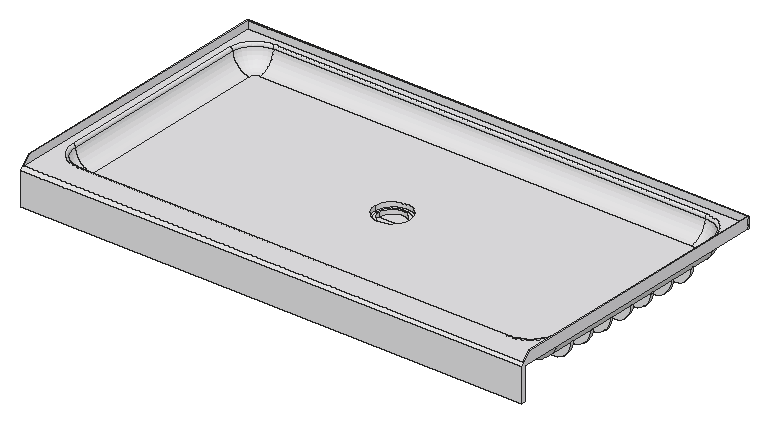
Revit family "Shower-Receptor-STERLING-Ensemble-72131100", category Plumbing Fixtures, host Face, Revit 2015
Parameters (values of type "0-White")
  Width = 34"  # constant formula
  Waste Water Outlet = "Waste Water Outlet"  # constant formula
  Waste Connection = yes
  Vent Connection = no
  URL = "https://www.sterlingplumbing.com/"
  Type = 1
  Product Page URL = "http://www.sterlingplumbing.com/detail?productNumber=72131100"
  Product Name = "Ensemble"  # constant formula
  Product Documentation Link = "https://www.sterlingplumbing.com/onlinecatalog/pdf/72131100_spec.pdf"
  Panel Thickness = 0"
  Model = if(Type = 1, "72131100-0", if(Type = 2, "72131100-96", "0"))  # "72131100-0"
  Material = "Vikrell material"  # constant formula
  MasterFormat 2004 = "22.41.23"  # constant formula
  MasterFormat 1995 = "15410"  # constant formula
  Manufacturer Address = "444 Highland Dr, Kohler, WI 53044"  # constant formula
  Manufacturer = "Sterling Plumbing"  # constant formula
  Length = 60"  # constant formula
  Hot Water Inlet = "Hot Water Inlet"  # constant formula
  Height = 5 5/32"  # constant formula
  HW Connection = no
  Finish = Kohler-Vikrell-0-White
  Environmental Product Declaration = ""
  Description = "Series 7213 60 inch x 34 inch Shower Receptor"  # constant formula
  Default Elevation = 0"
  Declare Label = ""
  Date Modified = "11/03/2017"  # constant formula
  Date Created = "11/03/2017"  # constant formula
  Copyright = "Copyright KOHLER Co."  # constant formula
  Contact Us = "https://www.sterlingplumbing.com/contact"
  Cold Water Inlet = "Cold Water Inlet"  # constant formula
  CW Connection = no
  Assembly Code = "D2010700"
  ADA = no
Types (3): name | Type | Model | Finish
  (no name) | 1 | "72131100-0" | Kohler-Vikrell-0-White
  0-White | 1 | "72131100-0" | Kohler-Vikrell-0-White
  96-Biscuit | 2 | "72131100-96" | Kohler-Vikrell-96-Biscuit
Reference planes (in)
  plane 1 "Center (Front/Back)": y = 0
  plane 2: z = 0
  plane 3 "Center (Left/Right)": x = 0
  plane 4: x = -29.99135
  plane 5: x = 30.00865
  plane 6: y = 15.87508
  plane 7: y = -18.12492
  plane 8: z = 5.15625
Dimensions and locks (in)
  "Height": plane 8 to level
  "Length": plane 4 to plane 5
  "Width": plane 6 to plane 7
  aligned and locked: plane 2 to host face
  aligned and locked: level to host face
Automatic sketch dimensions
  host sketch curve to host sketch curve = 96"  (x2)
Nested families (in)
  nested 1: "72131100" at (0, 0, -0.043), type "72131100"
Connectors (in)
  piping at (0.01387, 0, 0.59689), diameter 1.5, driven by "Waste Connection", driven by "Waste Water Outlet"
    settings: on nested 1, index 1, connector inside diameter 24", connector length 0", flow factor 0, pipe flow 0 GPM, pressure drop 0.00 psi, fitting loss kfactor 0, connector angle 0.00°, fixture units 0, engagement length 0", angle of deflection 0.00°, flow configuration 0, flow direction 2, fitting loss method 0, system type 16, joint type 0, gender type 0, connector reference index -1, connector utility 1, adjustable connector no, is connector primary yes, connector description "Waste Water Outlet"
Definition of nested family "72131100"
  Parameters (values of type "72131100")
    Finish = none
  Reference planes (in)
    plane 1 "Center (Front/Back)": y = 0
    plane 2: z = 0
    plane 3 "Center (Left/Right)": x = 0
    plane 4: y = 15.87508
    plane 5: y = -18.12492
    plane 6: x = 30.00865
    plane 7: x = -29.99135
  Forms (in)
    Sweep 1, solid, material <- "Finish"
      path origin (0, 0, 4.35474) x (-1, 0, 0) y (0, -1, 0)
        loop
          arc (28.92239, 11.58587) -> (27.97049, 13.88397) -> (25.67239, 14.83587) r 3.25
          line (25.67239, 14.83587) -> (-25.76949, 14.83587)
          arc (-25.76949, 14.83587) -> (-28.06759, 13.88397) -> (-29.01949, 11.58587) r 3.25
          line (-29.01949, 11.58587) -> (-29.01949, -11.67736)
          arc (-29.01949, -11.67736) -> (-28.06759, -13.97546) -> (-25.76949, -14.92736) r 3.25
          line (-25.76949, -14.92736) -> (25.92239, -14.92736)
          arc (25.92239, -14.92736) -> (28.04371, -14.04869) -> (28.92239, -11.92736) r 3
          line (28.92239, -11.92736) -> (28.92239, 11.58587)
      profile origin (-28.92239, 0.17075, 4.35474) x (-1, 0, 0) y (0, 0, 1)
        loop
          arc (-0.26608, -0.33489) -> (-0.88614, -1.73098) -> (-2.2576, -2.40376) r 2.2374
          line (-2.2576, -2.40376) -> (-2.2576, -3.06727)
          arc (-2.2576, -3.06727) -> (-0.66389, -2.43382) -> (0, -0.85254) r 2.21513
          line (0, -0.85254) -> (0, 0)
          arc (0, 0) -> (-0.20041, -0.11392) -> (-0.26608, -0.33489) r 0.3088
    Extrusion 2, solid, material <- "Finish"
      sketch origin (0, 0, 0) x (1, 0, 0) y (0, 1, 0)
        loop
          arc (-26.66479, -11.58587) -> (-26.37412, -12.2876) -> (-25.67239, -12.57827) r 0.9924
          line (-25.67239, -12.57827) -> (25.76949, -12.57827)
          arc (25.76949, -12.57827) -> (26.47122, -12.2876) -> (26.76189, -11.58587) r 0.9924
          line (26.76189, -11.58587) -> (26.76189, 11.67736)
          arc (26.76189, 11.67736) -> (26.47122, 12.3791) -> (25.76949, 12.66976) r 0.9924
          line (25.76949, 12.66976) -> (-25.92239, 12.66976)
          arc (-25.92239, 12.66976) -> (-26.44734, 12.45232) -> (-26.66479, 11.92736) r 0.7424
          line (-26.66479, 11.92736) -> (-26.66479, -11.58587)
      from 1.39644 to 1.95098
    Extrusion 3, solid, material <- "Finish"
      sketch origin (0, 0, 4.35474) x (-1, 0, 0) y (0, -1, 0)
        loop
          line (-29.83549, -15.87508) -> (29.82867, -15.87508)
          arc (29.82867, -15.87508) -> (29.9437, -15.82743) -> (29.99135, -15.7124) r 0.16268
          line (29.99135, -15.7124) -> (29.99135, 17.737) -> (-30.00865, 17.737) -> (-30.00865, -15.70192)
          arc (-30.00865, -15.70192) -> (-29.95794, -15.82436) -> (-29.83549, -15.87508) r 0.17316
        loop
          line (28.92239, -11.92736) -> (28.92239, 11.58587)
          arc (28.92239, 11.58587) -> (27.97049, 13.88397) -> (25.67239, 14.83587) r 3.25
          line (25.67239, 14.83587) -> (-25.76949, 14.83587)
          arc (-25.76949, 14.83587) -> (-28.06759, 13.88397) -> (-29.01949, 11.58587) r 3.25
          line (-29.01949, 11.58587) -> (-29.01949, -11.67736)
          arc (-29.01949, -11.67736) -> (-28.06759, -13.97546) -> (-25.76949, -14.92736) r 3.25
          line (-25.76949, -14.92736) -> (25.92239, -14.92736)
          arc (25.92239, -14.92736) -> (28.04371, -14.04869) -> (28.92239, -11.92736) r 3
      from -0.46315 to 0
    Sweep 4, solid, material <- "Finish"
      path origin (0, 0, 4.35474) x (-1, 0, 0) y (0, -1, 0)
        loop
          line (-30.00865, 17.737) -> (-30.00865, -15.70192)
          arc (-30.00865, -15.70192) -> (-29.95794, -15.82436) -> (-29.83549, -15.87508) r 0.17316
          line (-29.83549, -15.87508) -> (29.82867, -15.87508)
          arc (29.82867, -15.87508) -> (29.9437, -15.82743) -> (29.99135, -15.7124) r 0.16268
          line (29.99135, -15.7124) -> (29.99135, 17.737)
      profile origin (-29.99135, -1.0123, 4.35474) x (1, 0, 0) y (0, 0, 1)
        loop
          line (0, 0) -> (0.13866, 0) -> (0.13866, 0.84986) -> (0, 0.84986) -> (0, 0)
    Extrusion 5, solid, material <- "Finish"
      sketch origin (29.83549, 15.73643, 5.2046) x (-1, 0, 0) y (0, 0, -1)
        loop
          line (59.82684, 5.1616) -> (-0.17316, 5.1616) -> (-0.17316, 0) -> (59.82684, 0) -> (59.82684, 5.1616)
      from 33.47342 to 33.86134
    Extrusion 6, void
      sketch origin (30.00865, -17.737, 4.35474) x (0, -1, 0) y (0, 0, 1)
        loop
          line (0.38792, -0.38792) -> (0.38792, 0.84986) -> (-0.84986, 0.84986) -> (0.38792, -0.38792)
      from -2.90237 to 63.55511
    Extrusion 7, void
      sketch origin (0, 0, 4.35474) x (-1, 0, 0) y (0, -1, 0)
        loop
          circle (-0.01387, -0.04598) r 2.1406
      from -17.43119 to 12
    Revolve 8, solid, material <- "Finish"
      sketch origin (0, 0, 0) x (1, 0, 0) y (0, 0, 1)
        loop
          line (0.01387, 0.6399) -> (0.01387, 1.01995) -> (-1.56875, 1.01995) -> (-1.56875, 1.48312) -> (-1.91356, 1.48312) -> (-2.12674, 1.48312) -> (-2.12674, 0.6399) -> (0.01387, 0.6399)
        axis (0.01387, 0.6399) -> (0.01387, 1.48312)
      angle from 0 to 360
    Extrusion 9, solid, material <- "Finish"
      sketch origin (0, 8.98689, 0) x (1, 0, 0) y (0, 0, 1)
        loop
          arc (28.71934, 2.30302) -> (27.83656, 1.61923) -> (26.73327, 1.44718) r 2.23765
          line (26.73327, 1.44718) -> (-26.70553, 1.44718)
          arc (-26.70553, 1.44718) -> (-27.80883, 1.61923) -> (-28.69161, 2.30302) r 2.23765
          arc (-28.69161, 2.30302) -> (-28.13236, 0.79439) -> (-26.70963, 0.043) r 2.25405
          line (-26.70963, 0.043) -> (26.73736, 0.043)
          arc (26.73736, 0.043) -> (28.16678, 0.78852) -> (28.71934, 2.30302) r 2.22849
      from -0.09777 to 0.10259
    Extrusion 10, solid, material <- "Finish"
      sketch origin (23.98088, -2.90223, 0) x (0, -1, 0) y (0, 0, 1)
        loop
          line (8.98327, 1.44718) -> (-14.64303, 1.44718)
          arc (-14.64303, 1.44718) -> (-15.64536, 1.55056) -> (-16.60548, 1.85634) r 4.91072
          arc (-16.60548, 1.85634) -> (-15.98161, 0.56596) -> (-14.64713, 0.043) r 1.96415
          line (-14.64713, 0.043) -> (8.98736, 0.043)
          arc (8.98736, 0.043) -> (10.27949, 0.6991) -> (10.96212, 1.97741) r 2.41109
          arc (10.96212, 1.97741) -> (10.0076, 1.58203) -> (8.98327, 1.44718) r 3.95771
      from -0.09777 to 0.10259
    Extrusion 11, solid, material <- "Finish"
      sketch origin (0, 6.0441, 0) x (1, 0, 0) y (0, 0, 1)
        loop
          arc (28.71934, 2.30302) -> (27.83656, 1.61923) -> (26.73327, 1.44718) r 2.23765
          line (26.73327, 1.44718) -> (-26.70553, 1.44718)
          arc (-26.70553, 1.44718) -> (-27.80883, 1.61923) -> (-28.69161, 2.30302) r 2.23765
          arc (-28.69161, 2.30302) -> (-28.13236, 0.79439) -> (-26.70963, 0.043) r 2.25405
          line (-26.70963, 0.043) -> (26.73736, 0.043)
          arc (26.73736, 0.043) -> (28.16678, 0.78852) -> (28.71934, 2.30302) r 2.22849
      from -0.09777 to 0.10259
    Extrusion 12, solid, material <- "Finish"
      sketch origin (0, 2.97745, 0) x (1, 0, 0) y (0, 0, 1)
        loop
          arc (28.71934, 2.30302) -> (27.83656, 1.61923) -> (26.73327, 1.44718) r 2.23765
          line (26.73327, 1.44718) -> (-26.70553, 1.44718)
          arc (-26.70553, 1.44718) -> (-27.80883, 1.61923) -> (-28.69161, 2.30302) r 2.23765
          arc (-28.69161, 2.30302) -> (-28.13236, 0.79439) -> (-26.70963, 0.043) r 2.25405
          line (-26.70963, 0.043) -> (26.73736, 0.043)
          arc (26.73736, 0.043) -> (28.16678, 0.78852) -> (28.71934, 2.30302) r 2.22849
      from -0.09777 to 0.10259
    Extrusion 13, solid, material <- "Finish"
      sketch origin (0, 0, 0) x (1, 0, 0) y (0, 0, 1)
        loop
          arc (28.71934, 2.30302) -> (27.83656, 1.61923) -> (26.73327, 1.44718) r 2.23765
          line (26.73327, 1.44718) -> (-26.70553, 1.44718)
          arc (-26.70553, 1.44718) -> (-27.80883, 1.61923) -> (-28.69161, 2.30302) r 2.23765
          arc (-28.69161, 2.30302) -> (-28.13236, 0.79439) -> (-26.70963, 0.043) r 2.25405
          line (-26.70963, 0.043) -> (26.73736, 0.043)
          arc (26.73736, 0.043) -> (28.16678, 0.78852) -> (28.71934, 2.30302) r 2.22849
      from -0.09777 to 0.10259
    Extrusion 14, solid, material <- "Finish"
      sketch origin (0, -3.06026, 0) x (1, 0, 0) y (0, 0, 1)
        loop
          arc (28.71934, 2.30302) -> (27.83656, 1.61923) -> (26.73327, 1.44718) r 2.23765
          line (26.73327, 1.44718) -> (-26.70553, 1.44718)
          arc (-26.70553, 1.44718) -> (-27.80883, 1.61923) -> (-28.69161, 2.30302) r 2.23765
          arc (-28.69161, 2.30302) -> (-28.13236, 0.79439) -> (-26.70963, 0.043) r 2.25405
          line (-26.70963, 0.043) -> (26.73736, 0.043)
          arc (26.73736, 0.043) -> (28.16678, 0.78852) -> (28.71934, 2.30302) r 2.22849
      from -0.09777 to 0.10259
    Extrusion 15, solid, material <- "Finish"
      sketch origin (0, -6.00617, 0) x (1, 0, 0) y (0, 0, 1)
        loop
          arc (28.71934, 2.30302) -> (27.83656, 1.61923) -> (26.73327, 1.44718) r 2.23765
          line (26.73327, 1.44718) -> (-26.70553, 1.44718)
          arc (-26.70553, 1.44718) -> (-27.80883, 1.61923) -> (-28.69161, 2.30302) r 2.23765
          arc (-28.69161, 2.30302) -> (-28.13236, 0.79439) -> (-26.70963, 0.043) r 2.25405
          line (-26.70963, 0.043) -> (26.73736, 0.043)
          arc (26.73736, 0.043) -> (28.16678, 0.78852) -> (28.71934, 2.30302) r 2.22849
      from -0.09777 to 0.10259
    Extrusion 16, solid, material <- "Finish"
      sketch origin (0, -9.00025, 0) x (1, 0, 0) y (0, 0, 1)
        loop
          arc (28.71934, 2.30302) -> (27.83656, 1.61923) -> (26.73327, 1.44718) r 2.23765
          line (26.73327, 1.44718) -> (-26.70553, 1.44718)
          arc (-26.70553, 1.44718) -> (-27.80883, 1.61923) -> (-28.69161, 2.30302) r 2.23765
          arc (-28.69161, 2.30302) -> (-28.13236, 0.79439) -> (-26.70963, 0.043) r 2.25405
          line (-26.70963, 0.043) -> (26.73736, 0.043)
          arc (26.73736, 0.043) -> (28.16678, 0.78852) -> (28.71934, 2.30302) r 2.22849
      from -0.09777 to 0.10259
    Extrusion 17, solid, material <- "Finish"
      sketch origin (19.98088, -2.90223, 0) x (0, -1, 0) y (0, 0, 1)
        loop
          line (8.98327, 1.44718) -> (-14.64303, 1.44718)
          arc (-14.64303, 1.44718) -> (-15.64536, 1.55056) -> (-16.60548, 1.85634) r 4.91072
          arc (-16.60548, 1.85634) -> (-15.98161, 0.56596) -> (-14.64713, 0.043) r 1.96415
          line (-14.64713, 0.043) -> (8.98736, 0.043)
          arc (8.98736, 0.043) -> (10.27949, 0.6991) -> (10.96212, 1.97741) r 2.41109
          arc (10.96212, 1.97741) -> (10.0076, 1.58203) -> (8.98327, 1.44718) r 3.95771
      from -0.09777 to 0.10259
    Extrusion 18, solid, material <- "Finish"
      sketch origin (15.98088, -2.90223, 0) x (0, -1, 0) y (0, 0, 1)
        loop
          line (8.98327, 1.44718) -> (-14.64303, 1.44718)
          arc (-14.64303, 1.44718) -> (-15.64536, 1.55056) -> (-16.60548, 1.85634) r 4.91072
          arc (-16.60548, 1.85634) -> (-15.98161, 0.56596) -> (-14.64713, 0.043) r 1.96415
          line (-14.64713, 0.043) -> (8.98736, 0.043)
          arc (8.98736, 0.043) -> (10.27949, 0.6991) -> (10.96212, 1.97741) r 2.41109
          arc (10.96212, 1.97741) -> (10.0076, 1.58203) -> (8.98327, 1.44718) r 3.95771
      from -0.09777 to 0.10259
    Extrusion 19, solid, material <- "Finish"
      sketch origin (11.98088, -2.90223, 0) x (0, -1, 0) y (0, 0, 1)
        loop
          line (8.98327, 1.44718) -> (-14.64303, 1.44718)
          arc (-14.64303, 1.44718) -> (-15.64536, 1.55056) -> (-16.60548, 1.85634) r 4.91072
          arc (-16.60548, 1.85634) -> (-15.98161, 0.56596) -> (-14.64713, 0.043) r 1.96415
          line (-14.64713, 0.043) -> (8.98736, 0.043)
          arc (8.98736, 0.043) -> (10.27949, 0.6991) -> (10.96212, 1.97741) r 2.41109
          arc (10.96212, 1.97741) -> (10.0076, 1.58203) -> (8.98327, 1.44718) r 3.95771
      from -0.09777 to 0.10259
    Extrusion 20, solid, material <- "Finish"
      sketch origin (7.98088, -2.90223, 0) x (0, -1, 0) y (0, 0, 1)
        loop
          line (8.98327, 1.44718) -> (-14.64303, 1.44718)
          arc (-14.64303, 1.44718) -> (-15.64536, 1.55056) -> (-16.60548, 1.85634) r 4.91072
          arc (-16.60548, 1.85634) -> (-15.98161, 0.56596) -> (-14.64713, 0.043) r 1.96415
          line (-14.64713, 0.043) -> (8.98736, 0.043)
          arc (8.98736, 0.043) -> (10.27949, 0.6991) -> (10.96212, 1.97741) r 2.41109
          arc (10.96212, 1.97741) -> (10.0076, 1.58203) -> (8.98327, 1.44718) r 3.95771
      from -0.09777 to 0.10259
    Extrusion 21, solid, material <- "Finish"
      sketch origin (3.98088, -2.90223, 0) x (0, -1, 0) y (0, 0, 1)
        loop
          line (8.98327, 1.44718) -> (-14.64303, 1.44718)
          arc (-14.64303, 1.44718) -> (-15.64536, 1.55056) -> (-16.60548, 1.85634) r 4.91072
          arc (-16.60548, 1.85634) -> (-15.98161, 0.56596) -> (-14.64713, 0.043) r 1.96415
          line (-14.64713, 0.043) -> (8.98736, 0.043)
          arc (8.98736, 0.043) -> (10.27949, 0.6991) -> (10.96212, 1.97741) r 2.41109
          arc (10.96212, 1.97741) -> (10.0076, 1.58203) -> (8.98327, 1.44718) r 3.95771
      from -0.09777 to 0.10259
    Extrusion 22, solid, material <- "Finish"
      sketch origin (-0.01912, -2.90223, 0) x (0, -1, 0) y (0, 0, 1)
        loop
          line (8.98327, 1.44718) -> (-14.64303, 1.44718)
          arc (-14.64303, 1.44718) -> (-15.64536, 1.55056) -> (-16.60548, 1.85634) r 4.91072
          arc (-16.60548, 1.85634) -> (-15.98161, 0.56596) -> (-14.64713, 0.043) r 1.96415
          line (-14.64713, 0.043) -> (8.98736, 0.043)
          arc (8.98736, 0.043) -> (10.27949, 0.6991) -> (10.96212, 1.97741) r 2.41109
          arc (10.96212, 1.97741) -> (10.0076, 1.58203) -> (8.98327, 1.44718) r 3.95771
      from -0.09777 to 0.10259
    Extrusion 23, solid, material <- "Finish"
      sketch origin (-4.01912, -2.90223, 0) x (0, -1, 0) y (0, 0, 1)
        loop
          line (8.98327, 1.44718) -> (-14.64303, 1.44718)
          arc (-14.64303, 1.44718) -> (-15.64536, 1.55056) -> (-16.60548, 1.85634) r 4.91072
          arc (-16.60548, 1.85634) -> (-15.98161, 0.56596) -> (-14.64713, 0.043) r 1.96415
          line (-14.64713, 0.043) -> (8.98736, 0.043)
          arc (8.98736, 0.043) -> (10.27949, 0.6991) -> (10.96212, 1.97741) r 2.41109
          arc (10.96212, 1.97741) -> (10.0076, 1.58203) -> (8.98327, 1.44718) r 3.95771
      from -0.09777 to 0.10259
    Extrusion 24, solid, material <- "Finish"
      sketch origin (-8.01912, -2.90223, 0) x (0, -1, 0) y (0, 0, 1)
        loop
          line (8.98327, 1.44718) -> (-14.64303, 1.44718)
          arc (-14.64303, 1.44718) -> (-15.64536, 1.55056) -> (-16.60548, 1.85634) r 4.91072
          arc (-16.60548, 1.85634) -> (-15.98161, 0.56596) -> (-14.64713, 0.043) r 1.96415
          line (-14.64713, 0.043) -> (8.98736, 0.043)
          arc (8.98736, 0.043) -> (10.27949, 0.6991) -> (10.96212, 1.97741) r 2.41109
          arc (10.96212, 1.97741) -> (10.0076, 1.58203) -> (8.98327, 1.44718) r 3.95771
      from -0.09777 to 0.10259
    Extrusion 25, solid, material <- "Finish"
      sketch origin (-12.01912, -2.90223, 0) x (0, -1, 0) y (0, 0, 1)
        loop
          line (8.98327, 1.44718) -> (-14.64303, 1.44718)
          arc (-14.64303, 1.44718) -> (-15.64536, 1.55056) -> (-16.60548, 1.85634) r 4.91072
          arc (-16.60548, 1.85634) -> (-15.98161, 0.56596) -> (-14.64713, 0.043) r 1.96415
          line (-14.64713, 0.043) -> (8.98736, 0.043)
          arc (8.98736, 0.043) -> (10.27949, 0.6991) -> (10.96212, 1.97741) r 2.41109
          arc (10.96212, 1.97741) -> (10.0076, 1.58203) -> (8.98327, 1.44718) r 3.95771
      from -0.09777 to 0.10259
    Extrusion 26, solid, material <- "Finish"
      sketch origin (-16.01912, -2.90223, 0) x (0, -1, 0) y (0, 0, 1)
        loop
          line (8.98327, 1.44718) -> (-14.64303, 1.44718)
          arc (-14.64303, 1.44718) -> (-15.64536, 1.55056) -> (-16.60548, 1.85634) r 4.91072
          arc (-16.60548, 1.85634) -> (-15.98161, 0.56596) -> (-14.64713, 0.043) r 1.96415
          line (-14.64713, 0.043) -> (8.98736, 0.043)
          arc (8.98736, 0.043) -> (10.27949, 0.6991) -> (10.96212, 1.97741) r 2.41109
          arc (10.96212, 1.97741) -> (10.0076, 1.58203) -> (8.98327, 1.44718) r 3.95771
      from -0.09777 to 0.10259
    Extrusion 27, solid, material <- "Finish"
      sketch origin (-20.01912, -2.90223, 0) x (0, -1, 0) y (0, 0, 1)
        loop
          line (8.98327, 1.44718) -> (-14.64303, 1.44718)
          arc (-14.64303, 1.44718) -> (-15.64536, 1.55056) -> (-16.60548, 1.85634) r 4.91072
          arc (-16.60548, 1.85634) -> (-15.98161, 0.56596) -> (-14.64713, 0.043) r 1.96415
          line (-14.64713, 0.043) -> (8.98736, 0.043)
          arc (8.98736, 0.043) -> (10.27949, 0.6991) -> (10.96212, 1.97741) r 2.41109
          arc (10.96212, 1.97741) -> (10.0076, 1.58203) -> (8.98327, 1.44718) r 3.95771
      from -0.09777 to 0.10259
    Extrusion 28, solid, material <- "Finish"
      sketch origin (-23.99116, -2.90223, 0) x (0, -1, 0) y (0, 0, 1)
        loop
          line (8.98327, 1.44718) -> (-14.64303, 1.44718)
          arc (-14.64303, 1.44718) -> (-15.64536, 1.55056) -> (-16.60548, 1.85634) r 4.91072
          arc (-16.60548, 1.85634) -> (-15.98161, 0.56596) -> (-14.64713, 0.043) r 1.96415
          line (-14.64713, 0.043) -> (8.98736, 0.043)
          arc (8.98736, 0.043) -> (10.27949, 0.6991) -> (10.96212, 1.97741) r 2.41109
          arc (10.96212, 1.97741) -> (10.0076, 1.58203) -> (8.98327, 1.44718) r 3.95771
      from -0.09777 to 0.10259
  Cuts and joins
    Extrusion 7 cuts Extrusion 2
    Extrusion 6 cuts Sweep 4
    Extrusion 6 cuts Extrusion 5
    joined: Sweep 1, Extrusion 2, Extrusion 3, Sweep 4, Extrusion 5
    Extrusion 7 cuts Extrusion 13
    Extrusion 7 cuts Extrusion 22
  Lines and regions (in)
    Masking region 1
      outline origin (0, 0, 4.35474) x (-1, 0, 0) y (0, -1, 0)
        loop
          line (29.99135, -15.7124) -> (29.99135, 18.12492) -> (-30.00865, 18.12492) -> (-30.00865, -15.70192)
          arc (-30.00865, -15.70192) -> (-29.95794, -15.82436) -> (-29.83549, -15.87508) r 0.17316
          line (-29.83549, -15.87508) -> (29.82867, -15.87508)
          arc (29.82867, -15.87508) -> (29.9437, -15.82743) -> (29.99135, -15.7124) r 0.16268
    Masking region 2
      outline origin (0, 0, 0) x (0, 1, 0) y (0, 0, 1)
        loop
          line (-18.12492, 3.96682) -> (-18.12492, 0.043) -> (-17.737, 0.043) -> (-17.737, 3.89159) -> (-14.83587, 3.89159)
          arc (-14.83587, 3.89159) -> (-14.6318, 2.67836) -> (-13.82676, 1.74804) r 2.27865
          arc (-13.82676, 1.74804) -> (-13.12565, 0.59163) -> (-11.88959, 0.043) r 2.25873
          line (-11.88959, 0.043) -> (11.74489, 0.043)
          arc (11.74489, 0.043) -> (12.956, 0.47024) -> (13.63097, 1.56281) r 1.93021
          arc (13.63097, 1.56281) -> (14.57805, 2.3531) -> (14.93289, 3.53445) r 2.1439
          line (14.93289, 3.53445) -> (14.93289, 3.89159) -> (15.87508, 3.89159) -> (15.87508, 5.2046) -> (-16.88714, 5.2046) -> (-18.12492, 3.96682)
    Masking region 3
      outline origin (0, 0, 0) x (1, 0, 0) y (0, 0, 1)
        loop
          line (30.00865, 5.2046) -> (-29.99135, 5.2046) -> (-29.99135, 0.043) -> (30.00865, 0.043) -> (30.00865, 5.2046)
    symbolic lines, detail levels medium+fine
      curve 1: line (-29.85269, -17.737, 4.35474) -> (-29.85269, 15.7124, 4.35474)
      curve 2: arc (-29.82867, 15.73643, 4.35474) -> (-29.84565, 15.72939, 4.35474) -> (-29.85269, 15.7124, 4.35474) r 0.02402
      curve 3: line (-29.82867, 15.73643, 4.35474) -> (29.83549, 15.73643, 4.35474)
      curve 4: arc (29.87, 15.70192, 4.35474) -> (29.85989, 15.72632, 4.35474) -> (29.83549, 15.73643, 4.35474) r 0.0345
      curve 5: line (29.87, 15.70192, 4.35474) -> (29.87, -17.737, 4.35474)
      curve 6: line (30.00865, -17.737, 4.35474) -> (-29.99135, -17.737, 4.35474)
      curve 7: arc (-25.67239, -14.83587, 4.35474) -> (-27.97049, -13.88397, 4.35474) -> (-28.92239, -11.58587, 4.35474) r 3.25
      curve 8: line (-25.67239, -14.83587, 4.35474) -> (25.76949, -14.83587, 4.35474)
      curve 9: line (-28.92239, 11.92736, 4.35474) -> (-28.92239, -11.58587, 4.35474)
      curve 10: arc (-28.92239, 11.92736, 4.35474) -> (-28.04371, 14.04869, 4.35474) -> (-25.92239, 14.92736, 4.35474) r 3
      curve 11: line (25.76949, 14.92736, 4.35474) -> (-25.92239, 14.92736, 4.35474)
      curve 12: arc (25.76949, 14.92736, 4.35474) -> (28.06759, 13.97546, 4.35474) -> (29.01949, 11.67736, 4.35474) r 3.25
      curve 13: line (29.01949, -11.58587, 4.35474) -> (29.01949, 11.67736, 4.35474)
      curve 14: arc (29.01949, -11.58587, 4.35474) -> (28.06759, -13.88397, 4.35474) -> (25.76949, -14.83587, 4.35474) r 3.25
      curve 15: arc (25.76949, -12.57827, 4.35474) -> (26.47122, -12.2876, 4.35474) -> (26.76189, -11.58587, 4.35474) r 0.9924
      curve 16: line (26.76189, -11.58587, 4.35474) -> (26.76189, 11.66976, 4.35474)
      curve 17: line (-25.67239, -12.57827, 4.35474) -> (25.76949, -12.57827, 4.35474)
      curve 18: arc (-26.66479, -11.58587, 4.35474) -> (-26.37412, -12.2876, 4.35474) -> (-25.67239, -12.57827, 4.35474) r 0.9924
      curve 19: line (-26.66479, 11.92736, 4.35474) -> (-26.66479, -11.58587, 4.35474)
      curve 20: arc (-25.92239, 12.66976, 4.35474) -> (-26.44734, 12.45232, 4.35474) -> (-26.66479, 11.92736, 4.35474) r 0.7424
      curve 21: line (25.76189, 12.66976, 4.35474) -> (-25.92239, 12.66976, 4.35474)
      curve 22: arc (2.15447, 0.04598, 4.35474) -> (0.01387, 2.18658, 4.35474) -> (-2.12674, 0.04598, 4.35474) r 2.1406
      curve 23: arc (-2.12674, 0.04598, 4.35474) -> (0.01387, -2.09462, 4.35474) -> (2.15447, 0.04598, 4.35474) r 2.1406
      curve 24: arc (1.59648, 0, 4.35474) -> (0.01387, -1.58262, 4.35474) -> (-1.56875, 0, 4.35474) r 1.58262
      curve 25: arc (-1.56875, 0, 4.35474) -> (0.01387, 1.58262, 4.35474) -> (1.59648, 0, 4.35474) r 1.58262
      curve 26: arc (25.76189, 12.66976, 4.35474) -> (26.469, 12.37687, 4.35474) -> (26.76189, 11.66976, 4.35474) r 1
      curve 27: line (0, -14.83587, 3.89159) -> (0, 14.93289, 3.89159)
      curve 28: line (0, -12.62065, 1.39644) -> (0, -9.10284, 1.39644)
      curve 29: arc (0, -13.82676, 1.74804) -> (0, -13.24881, 1.48613) -> (0, -12.62065, 1.39644) r 2.24447
      curve 30: arc (0, 13.63097, 1.56281) -> (0, 13.17903, 1.43837) -> (0, 12.71215, 1.39644) r 2.62042
      curve 31: line (0, -9.10284, 2.30302) -> (0, -9.10284, 0.043)
      curve 32: line (0, -8.90248, 0.043) -> (0, -8.90248, 2.30302)
      curve 33: line (0, -8.90248, 2.30302) -> (0, -9.10284, 2.30302)
      curve 34: line (0, -8.90248, 1.39644) -> (0, -6.10876, 1.39644)
      curve 35: line (0, -6.10876, 2.30302) -> (0, -6.10876, 0.043)
      curve 36: line (0, -5.9084, 0.043) -> (0, -5.9084, 2.30302)
      curve 37: line (0, -5.9084, 2.30302) -> (0, -6.10876, 2.30302)
      curve 38: line (0, -3.16285, 2.30302) -> (0, -3.16285, 0.043)
      curve 39: line (0, -2.96249, 0.043) -> (0, -2.96249, 2.30302)
      curve 40: line (0, -2.96249, 2.30302) -> (0, -3.16285, 2.30302)
      curve 41: line (0, -0.10259, 2.30302) -> (0, -0.10259, 0.043)
      curve 42: line (0, 0.09777, 0.043) -> (0, 0.09777, 2.30302)
      curve 43: line (0, 0.09777, 2.30302) -> (0, -0.10259, 2.30302)
      curve 44: line (0, 2.87486, 2.30302) -> (0, 2.87486, 0.043)
      curve 45: line (0, 3.07522, 0.043) -> (0, 3.07522, 2.30302)
      curve 46: line (0, 3.07522, 2.30302) -> (0, 2.87486, 2.30302)
      curve 47: line (0, 5.94151, 2.30302) -> (0, 5.94151, 0.043)
      curve 48: line (0, 6.14187, 0.043) -> (0, 6.14187, 2.30302)
      curve 49: line (0, 6.14187, 2.30302) -> (0, 5.94151, 2.30302)
      curve 50: line (0, 8.8843, 2.30302) -> (0, 8.8843, 0.043)
      curve 51: line (0, 9.08466, 0.043) -> (0, 9.08466, 2.30302)
      curve 52: line (0, 9.08466, 2.30302) -> (0, 8.8843, 2.30302)
      curve 53: line (0, -5.9084, 1.39644) -> (0, -3.16285, 1.39644)
      curve 54: line (0, -2.96249, 1.39644) -> (0, -0.10259, 1.39644)
      curve 55: line (0, 0.09777, 1.39644) -> (0, 2.87486, 1.39644)
      curve 56: line (0, 3.07522, 1.39644) -> (0, 5.94151, 1.39644)
      curve 57: line (0, 6.14187, 1.39644) -> (0, 8.8843, 1.39644)
      curve 58: line (0, 9.08466, 1.39644) -> (0, 12.71215, 1.39644)
      curve 59: line (30.00865, 0, 3.89159) -> (28.98804, 0, 3.89159)
      curve 60: line (-28.98144, 0, 3.89159) -> (-29.99135, 0, 3.89159)
      curve 61: line (28.98804, 0, 3.89159) -> (-28.98144, 0, 3.89159)
      curve 62: arc (-28.98144, 0, 3.89159) -> (-28.50943, 0, 2.0437) -> (-26.75854, 0, 1.28747) r 2.16331
      curve 63: line (-26.75854, 0, 1.28747) -> (-24.09375, 0, 1.28747)
      curve 64: arc (28.98804, 0, 3.89159) -> (28.51602, 0, 2.0437) -> (26.76513, 0, 1.28747) r 2.16331
      curve 65: arc (26.73736, 0, 0.043) -> (28.16678, 0, 0.78852) -> (28.71934, 0, 2.30302) r 2.22849
      curve 66: arc (-28.69161, 0, 2.30302) -> (-28.13236, 0, 0.79439) -> (-26.70963, 0, 0.043) r 2.25405
      curve 67: line (-24.09375, 0, 1.97741) -> (-24.09375, 0, 0.043)
      curve 68: line (-23.89339, 0, 0.043) -> (-23.89339, 0, 1.97741)
      curve 69: line (-23.89339, 0, 1.97741) -> (-24.09375, 0, 1.97741)
      curve 70: line (-20.1217, 0, 1.97741) -> (-20.1217, 0, 0.043)
      curve 71: line (-19.92135, 0, 0.043) -> (-19.92135, 0, 1.97741)
      curve 72: line (-19.92135, 0, 1.97741) -> (-20.1217, 0, 1.97741)
      curve 73: line (-16.1217, 0, 1.97741) -> (-16.1217, 0, 0.043)
      curve 74: line (-15.92135, 0, 0.043) -> (-15.92135, 0, 1.97741)
      curve 75: line (-15.92135, 0, 1.97741) -> (-16.1217, 0, 1.97741)
      curve 76: line (-12.1217, 0, 1.97741) -> (-12.1217, 0, 0.043)
      curve 77: line (-11.92135, 0, 0.043) -> (-11.92135, 0, 1.97741)
      curve 78: line (-11.92135, 0, 1.97741) -> (-12.1217, 0, 1.97741)
      curve 79: line (-8.1217, 0, 1.97741) -> (-8.1217, 0, 0.043)
      curve 80: line (-7.92135, 0, 0.043) -> (-7.92135, 0, 1.97741)
      curve 81: line (-7.92135, 0, 1.97741) -> (-8.1217, 0, 1.97741)
      curve 82: line (-4.1217, 0, 1.97741) -> (-4.1217, 0, 0.043)
      curve 83: line (-3.92135, 0, 0.043) -> (-3.92135, 0, 1.97741)
      curve 84: line (-3.92135, 0, 1.97741) -> (-4.1217, 0, 1.97741)
      curve 85: line (-0.1217, 0, 1.97741) -> (-0.1217, 0, 0.043)
      curve 86: line (0.07865, 0, 0.043) -> (0.07865, 0, 1.97741)
      curve 87: line (0.07865, 0, 1.97741) -> (-0.1217, 0, 1.97741)
      curve 88: line (3.8783, 0, 1.97741) -> (3.8783, 0, 0.043)
      curve 89: line (4.07865, 0, 0.043) -> (4.07865, 0, 1.97741)
      curve 90: line (4.07865, 0, 1.97741) -> (3.8783, 0, 1.97741)
      curve 91: line (7.8783, 0, 1.97741) -> (7.8783, 0, 0.043)
      curve 92: line (8.07865, 0, 0.043) -> (8.07865, 0, 1.97741)
      curve 93: line (8.07865, 0, 1.97741) -> (7.8783, 0, 1.97741)
      curve 94: line (11.8783, 0, 1.97741) -> (11.8783, 0, 0.043)
      curve 95: line (12.07865, 0, 0.043) -> (12.07865, 0, 1.97741)
      curve 96: line (12.07865, 0, 1.97741) -> (11.8783, 0, 1.97741)
      curve 97: line (15.8783, 0, 1.97741) -> (15.8783, 0, 0.043)
      curve 98: line (16.07865, 0, 0.043) -> (16.07865, 0, 1.97741)
      curve 99: line (16.07865, 0, 1.97741) -> (15.8783, 0, 1.97741)
      curve 100: line (19.8783, 0, 1.97741) -> (19.8783, 0, 0.043)
      curve 101: line (20.07865, 0, 0.043) -> (20.07865, 0, 1.97741)
      curve 102: line (20.07865, 0, 1.97741) -> (19.8783, 0, 1.97741)
      curve 103: line (23.8783, 0, 1.97741) -> (23.8783, 0, 0.043)
      curve 104: line (24.07865, 0, 0.043) -> (24.07865, 0, 1.97741)
      curve 105: line (24.07865, 0, 1.97741) -> (23.8783, 0, 1.97741)
      curve 106: line (-23.89339, 0, 1.28747) -> (-20.1217, 0, 1.28747)
      curve 107: line (-19.92135, 0, 1.28747) -> (-16.1217, 0, 1.28747)
      curve 108: line (-15.92135, 0, 1.28747) -> (-12.1217, 0, 1.28747)
      curve 109: line (-11.92135, 0, 1.28747) -> (-8.1217, 0, 1.28747)
      curve 110: line (-7.92135, 0, 1.28747) -> (-4.1217, 0, 1.28747)
      curve 111: line (-3.92135, 0, 1.28747) -> (-0.1217, 0, 1.28747)
      curve 112: line (0.07865, 0, 1.28747) -> (3.8783, 0, 1.28747)
      curve 113: line (4.07865, 0, 1.28747) -> (7.8783, 0, 1.28747)
      curve 114: line (8.07865, 0, 1.28747) -> (11.8783, 0, 1.28747)
      curve 115: line (12.07865, 0, 1.28747) -> (15.8783, 0, 1.28747)
      curve 116: line (16.07865, 0, 1.28747) -> (19.8783, 0, 1.28747)
      curve 117: line (20.07865, 0, 1.28747) -> (23.8783, 0, 1.28747)
      curve 118: line (24.07865, 0, 1.28747) -> (26.76513, 0, 1.28747)
  Dimensions and locks (in)
    aligned and locked: plane 2 to level
